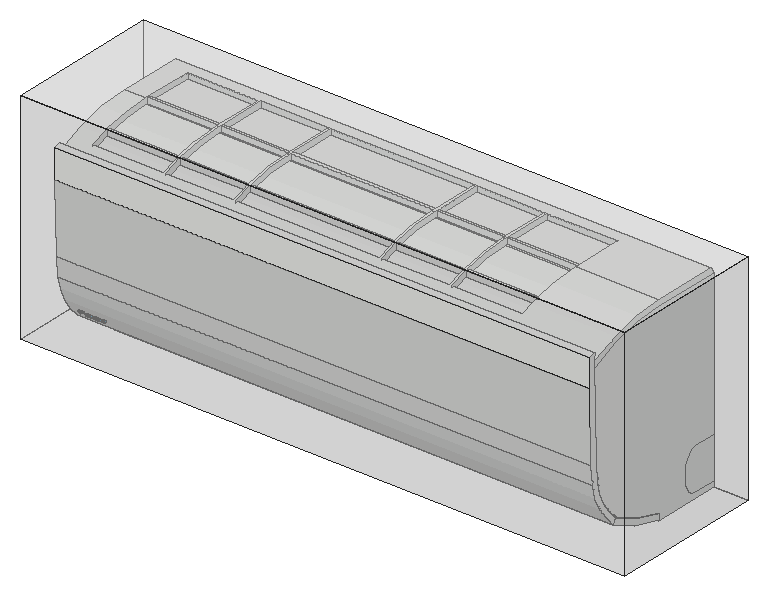
Revit family "outputfile", category 機械設備, Revit 2024
Family settings
  丸型コネクタ寸法 = 半径を使用
  パーツ タイプ = 標準
  OmniClass 番号 = 23.75.10.24.21.27.27
  OmniClass タイトル = Split System Air Conditioning Units
  作業面ベース = いいえ
  常に垂直 = はい
  ロード時にボイドで切り取り = いいえ
  注釈の向きを維持 = いいえ
  共有 = いいえ
  部屋計算ポイント = いいえ
Parameters (values of type "FTKM25XVMG")
  Description = ""
  書き出し IFC クラス(タイプ) = "IfcUnitaryEquipmentType"
  定義済み IFC タイプ(タイプ) = "AIRCONDITIONINGUNIT"
  Cost = 0
  Type Comments = ""
  Keynote = ""
  Type Image = (empty or 0)
  Assembly Code = ""
  w_wall hole = if(Width = 770.0 mm, 48.0 mm, 60.0 mm)  # 48.0 mm
  製造元 = "Daikin"
  モデル = "FTKM25XVMG"
  switch_frequency = yes
  r_Liquid Pipe Size = Liquid Pipe Size / 2  # 3.2 mm
  r_Gas Pipe Size = Gas Pipe Size / 2  # 4.75 mm
  r_Drain Pipe Size = Drain Pipe Size / 2  # 8.0 mm
  lw_powersupply [instance] = if(Width = 770.0 mm, if(or(Rear Right Connection_refrigerant, Bottom Right Connection_refrigerant), 25.0 mm, if(or(Rear Left Connection_refrigerant, Bottom Left Connection_refrigerant), 745.0 mm, 400.0 mm)), if(Width = 990.0 mm, if(or(Rear Right Connection_refrigerant, Bottom Right Connection_refrigerant), 40.0 mm, if(or(Rear Left Connection_refrigerant, Bottom Left Connection_refrigerant), 920.0 mm, 400.0 mm)), if(or(Rear Right Connection_refrigerant, Bottom Right Connection_refrigerant), 40.0 mm, if(or(Rear Left Connection_refrigerant, Bottom Left Connection_refrigerant), 920.0 mm, 400.0 mm))))  # 400.0 mm
  lw_liquidpipe [instance] = if(Width = 770.0 mm, if(or(Rear Right Connection_refrigerant, Bottom Right Connection_refrigerant), 0.0 mm, if(or(Rear Left Connection_refrigerant, Bottom Left Connection_refrigerant), 664.0 mm, 385.0 mm)), if(Width = 990.0 mm, if(or(Rear Right Connection_refrigerant, Bottom Right Connection_refrigerant), 0.0 mm, if(or(Rear Left Connection_refrigerant, Bottom Left Connection_refrigerant), 664.0 mm + (990.0 mm - 770.0 mm), 475.0 mm)), if(or(Rear Right Connection_refrigerant, Bottom Right Connection_refrigerant), 0.0 mm, if(or(Rear Left Connection_refrigerant, Bottom Left Connection_refrigerant), 664.0 mm + (990.0 mm - 770.0 mm), 475.0 mm))))  # 385.0 mm
  lw_gaspipe [instance] = if(Width = 770.0 mm, if(or(Rear Right Connection_refrigerant, Bottom Right Connection_refrigerant), 0.0 mm, if(or(Rear Left Connection_refrigerant, Bottom Left Connection_refrigerant), 675.0 mm, if(Gas Pipe Size = 12.7 mm, 345.0 mm, 335.0 mm))), if(Width = 990.0 mm, if(or(Rear Right Connection_refrigerant, Bottom Right Connection_refrigerant), 10.0 mm, if(or(Rear Left Connection_refrigerant, Bottom Left Connection_refrigerant), 890.0 mm, if(Gas Pipe Size = 15.9 mm, 400.0 mm, 400.0 mm))), if(or(Rear Right Connection_refrigerant, Bottom Right Connection_refrigerant), 10.0 mm, if(or(Rear Left Connection_refrigerant, Bottom Left Connection_refrigerant), 890.0 mm, if(Gas Pipe Size = 15.9 mm, 400.0 mm, 400.0 mm)))))  # 335.0 mm
  lw_drainpipe [instance] = if(Width = 770.0 mm, if(or(Rear Right Connection_refrigerant, Bottom Right Connection_refrigerant), 0.0 mm, if(or(Rear Left Connection_refrigerant, Bottom Left Connection_refrigerant), 770.0 mm - 48.0 mm - 48.0 mm, 440.0 mm)), if(Width = 990.0 mm, if(or(Rear Right Connection_refrigerant, Bottom Right Connection_refrigerant), 0.0 mm, if(or(Rear Left Connection_refrigerant, Bottom Left Connection_refrigerant), 675.0 mm + (990.0 mm - 770.0 mm), 435.0 mm)), if(or(Rear Right Connection_refrigerant, Bottom Right Connection_refrigerant), 0.0 mm, if(or(Rear Left Connection_refrigerant, Bottom Left Connection_refrigerant), 675.0 mm + (990.0 mm - 770.0 mm), 435.0 mm))))  # 440.0 mm
  l_powersupply_length [instance] = if(Width = 770.0 mm, if(Right Connection_refrigerant, 400.0 mm, if(Left Connection_refrigerant, 770.0 mm - 400.0 mm, if(or(Rear Left Connection_refrigerant, Rear Right Connection_refrigerant), 15.0 mm, 50.0 mm))), if(Width = 990.0 mm, if(Right Connection_refrigerant, 400.0 mm, if(Left Connection_refrigerant, 990.0 mm - 400.0 mm, if(or(Rear Left Connection_refrigerant, Rear Right Connection_refrigerant), 15.0 mm, 50.0 mm))), if(Right Connection_refrigerant, 400.0 mm, if(Left Connection_refrigerant, 990.0 mm - 400.0 mm, if(or(Rear Left Connection_refrigerant, Rear Right Connection_refrigerant), 15.0 mm, 50.0 mm)))))  # 400.0 mm
  l_liquidpipe_length [instance] = if(Width = 770.0 mm, if(Right Connection_refrigerant, 433.0 mm, if(Left Connection_refrigerant, 337.0 mm, if(or(Rear Left Connection_refrigerant, Rear Right Connection_refrigerant), 30.0 mm, 40.0 mm))), if(Width = 990.0 mm, if(Right Connection_refrigerant, 535.0 mm, if(Left Connection_refrigerant, 455.0 mm, if(or(Rear Left Connection_refrigerant, Rear Right Connection_refrigerant), 30.0 mm, 40.0 mm))), if(Right Connection_refrigerant, 535.0 mm, if(Left Connection_refrigerant, 455.0 mm, if(or(Rear Left Connection_refrigerant, Rear Right Connection_refrigerant), 30.0 mm, 40.0 mm)))))  # 433.0 mm
  l_gaspipe_length [instance] = if(Width = 770.0 mm, if(Right Connection_refrigerant, if(Gas Pipe Size = 12.7 mm, 393.0 mm, 383.0 mm), if(Left Connection_refrigerant, if(Gas Pipe Size = 12.7 mm, 770.0 mm - 393.0 mm, 770.0 mm - 383.0 mm), if(or(Rear Left Connection_refrigerant, Rear Right Connection_refrigerant), 40.0 mm, 50.0 mm))), if(Width = 990.0 mm, if(Right Connection_refrigerant, if(Gas Pipe Size = 15.9 mm, 460.0 mm, 460.0 mm), if(Left Connection_refrigerant, if(Gas Pipe Size = 15.9 mm, 990.0 mm - 460.0 mm, 990.0 mm - 460.0 mm), if(or(Rear Left Connection_refrigerant, Rear Right Connection_refrigerant), 40.0 mm, 50.0 mm))), if(Right Connection_refrigerant, if(Gas Pipe Size = 15.9 mm, 460.0 mm, 460.0 mm), if(Left Connection_refrigerant, if(Gas Pipe Size = 15.9 mm, 990.0 mm - 460.0 mm, 990.0 mm - 460.0 mm), if(or(Rear Left Connection_refrigerant, Rear Right Connection_refrigerant), 40.0 mm, 50.0 mm)))))  # 383.0 mm
  l_drainpipe_length [instance] = if(Width = 770.0 mm, if(Right Connection_refrigerant, 488.0 mm, if(Left Connection_refrigerant, 282.0 mm, if(or(Rear Left Connection_refrigerant, Rear Right Connection_refrigerant), 15.0 mm, 20.0 mm))), if(Width = 990.0 mm, if(Right Connection_refrigerant, 495.0 mm, if(Left Connection_refrigerant, 495.0 mm, if(or(Rear Left Connection_refrigerant, Rear Right Connection_refrigerant), 15.0 mm, 20.0 mm))), if(Right Connection_refrigerant, 495.0 mm, if(Left Connection_refrigerant, 495.0 mm, if(or(Rear Left Connection_refrigerant, Rear Right Connection_refrigerant), 15.0 mm, 20.0 mm)))))  # 488.0 mm
  h*** = 0.0 mm  # constant formula
  connector_voltage = Voltage_50Hz  # 230 V
  connector_powerinput = [Power Input (Cooling)]  # 0.000 kW
  connector_phase = Phase_50Hz  # 1
  angle_vertical [instance] = if(or(Bottom Left Connection_refrigerant, Bottom Right Connection_refrigerant), 0.00°, 90.00°)  # 90.00°
  angle_horizontal [instance] = if(Right Connection_refrigerant, 90.00°, if(Left Connection_refrigerant, -90.00°, if(or(Rear Left Connection_refrigerant, Rear Right Connection_refrigerant), 180.00°, 0.00°)))  # 90.00°
  Width = 770.0 mm
  Voltage_comment_50Hz = "220 - 240"
  Voltage_50Hz = 230 V
  Version = "ver.1.0"
  Unit Type = "Wall Mounted"
  Unit Mass Weight = 9.00 kg
  Unit Designation [instance] = ""
  Uniclass2015Version = "Products v1.30"
  Uniclass2015Title = "Split coil room air conditioning units"
  Uniclass2015Code = "Pr_70_65_03_86"
  URL = ""
  Total Cooling Capacity [instance] = 0.000 kW
  Sound Pressure Level_M speed (dBA) = 36
  Sound Pressure Level_L speed (dBA) = 26
  Sound Pressure Level_H speed (dBA) = 46
  Sound Power Level_H speed (dB) = 0
  Series = "Single Split_Fan Coil Unit"
  Sensible Cooling Capacity [instance] = 0.000 kW
  Refrigerant Type = "R32"
  Power Input (Cooling) = 0.000 kW
  Phase_50Hz = 1
  Option Accessory 3 [instance] = ""
  Option Accessory 2 [instance] = ""
  Option Accessory 1 [instance] = ""
  Nominal Cooling Capacity = 2.500 kW
  Minimum Circuit Amps_50Hz = 0.0 A
  Minimum Airflow = 402.00 m³/h
  Median Airflow = 522.00 m³/h
  Maximum Fuse Amps_50Hz = 0.0 A
  Maximum Airflow = 732.00 m³/h
  Material_Casing = DAIKIN_White_Casing_indoorunit
  Load Classification = HVAC
  Liquid Pipe Size = 6.4 mm
  Link_Nested Family [instance] = ""
  IfcVersion = ""
  IfcExportType = "AIRCONDITIONINGUNIT"
  IfcExportAs = "IfcUnitaryEquipmentType"
  Height = 285.0 mm
  Heat Exchanger Type = "Cross Fin Coil"
  Gas Pipe Size = 9.5 mm
  Frequency_50Hz = 50 Hz
  Fan Type = "Cross Flow Fan"
  Fan Drive = "Direct Drive"
  FCU Tag No. [instance] = ""
  Drain Pipe Size = 16.0 mm
  Design Supply Airflow [instance] = 0.00 m³/h
  Depth = 223.0 mm
  既定の高さ = 0.0 mm
  Cooling Entering Wet Bulb Temperature [instance] = 0.00 °C
  Cooling Entering Dry Bulb Temperature [instance] = 0.00 °C
  Cooling Ambient Wet Bulb Temperature [instance] = 0.00 °C
  Cooling Ambient Dry Bulb Temperature [instance] = 0.00 °C
  Clearance visibility [instance] = yes
  Clearance Top = 30.0 mm
  Clearance Right = 50.0 mm
  Clearance Rear = 0.0 mm
  Clearance Left = 50.0 mm
  Clearance Front = 0.0 mm
  Clearance Bottom = 0.0 mm
  Bottom Right Connection_refrigerant [instance] = no
  Bottom Left Connection_refrigerant [instance] = no
  Rear Right Connection_refrigerant [instance] = no
  Rear Left Connection_refrigerant [instance] = no
  Right Connection_refrigerant [instance] = yes
  Left Connection_refrigerant [instance] = no
Reference planes
  plane 1 "Back": y = 0
  plane 2: z = 0
  plane 3 "Center (Left/Right)": x = 0
  plane 4 "Center (Front/Back)": y = -111.5
  plane 5 "Front": y = -223
  plane 6 "Left": x = -385
  plane 7 "Right": x = 385
  plane 8 "Top": z = 0
  plane 9 "Bottom": z = -285
  plane 10: x = -435
  plane 11: x = 435
  plane 12: y = 0
  plane 13: y = -223
  plane 14: z = 30
  plane 15: z = -285
  plane 16 "lw_Piping and Wiring intake": x = 337
  plane 17 "lw_gaspipe": x = 2
  plane 18 "lw_liquidpipe": x = -48
  plane 19 "lw_drainpipe": x = -103
  plane 20 "lh_drainpipe": z = -265
  plane 21 "lh_liquidpipe": z = -245
  plane 22 "lh_gaspipe": z = -235
  plane 23 "ld_drainpipe": y = -15
  plane 24 "ld_liquidpipe": y = -30
  plane 25 "ld_gaspipe": y = -40
  plane 26 "lw_powersupply": x = -15
Dimensions and locks
  equal spacing: plane 6 "Left", plane 3 "Center (Left/Right)", plane 7 "Right"
  "Width": plane 6 "Left" to plane 7 "Right"
  equal spacing: plane 5 "Front", plane 4 "Center (Front/Back)", plane 1 "Back"
  "Depth": plane 5 "Front" to plane 1 "Back"
  "Height": plane 8 "Top" to plane 9 "Bottom"
  "Clearance Rear": plane 12 to plane 1 "Back"
  "Clearance Front": plane 13 to plane 5 "Front"
  "Clearance Top": plane 14 to plane 8 "Top"
  "Clearance Bottom": plane 9 "Bottom" to plane 15
  "w_wall hole": plane 16 "lw_Piping and Wiring intake" to plane 7 "Right"
  "lw_gaspipe": plane 17 "lw_gaspipe" to plane 16 "lw_Piping and Wiring intake"
  "lw_liquidpipe": plane 18 "lw_liquidpipe" to plane 16 "lw_Piping and Wiring intake"
  "lw_drainpipe": plane 19 "lw_drainpipe" to plane 16 "lw_Piping and Wiring intake"
  locked: plane 20 "lh_drainpipe" to plane 9 "Bottom" at 20
  locked: plane 21 "lh_liquidpipe" to plane 9 "Bottom" at 40
  locked: plane 22 "lh_gaspipe" to plane 9 "Bottom" at 50
  locked: plane 23 "ld_drainpipe" to plane 1 "Back" at 15
  locked: plane 1 "Back" to plane 24 "ld_liquidpipe" at 30
  locked: plane 1 "Back" to plane 25 "ld_gaspipe" at 40
  "lw_powersupply": plane 26 "lw_powersupply" to plane 7 "Right"
  "Clearance Left": plane 10 to plane 6 "Left"
  "Clearance Right": plane 7 "Right" to plane 11
  aligned and locked: level to plane 2
  aligned and locked: plane 12 to nested 1
  aligned and locked: nested 1 to plane 13
  aligned and locked: plane 10 to nested 1
  aligned and locked: plane 11 to nested 1
  aligned and locked: plane 15 to nested 1
  aligned and locked: plane 14 to nested 1
  aligned and locked: plane 17 "lw_gaspipe" to nested 2
  aligned and locked: nested 2 to plane 25 "ld_gaspipe"
  aligned and locked: plane 18 "lw_liquidpipe" to nested 3
  aligned and locked: nested 3 to plane 24 "ld_liquidpipe"
  aligned and locked: plane 19 "lw_drainpipe" to nested 4
  aligned and locked: nested 4 to plane 23 "ld_drainpipe"
  aligned and locked: nested 5 to plane 23 "ld_drainpipe"
  aligned and locked: plane 26 "lw_powersupply" to nested 5
  aligned and locked: level to plane 8 "Top"
  aligned and locked: plane 3 "Center (Left/Right)" to nested 6
  aligned and locked: plane 1 "Back" to nested 6
  aligned and locked: plane 8 "Top" to nested 6
Nested families
  nested 1: "daikin_clearancespace" at (0, -111.5, -127.381), show <- "Clearance visibility", visible <- "Clearance visibility", Link_Nested Family <- "Link_Nested Family", type "daikin_clearancespace"
    with width 870.0 mm, show yes, height 315.0 mm, depth 223.0 mm, Link_Nested Family ""
  nested 2: "daikin_connector_rotate3" at (2, -40, -235), angle_vertical <- "angle_vertical", angle_horizontal <- "angle_horizontal", length <- "l_gaspipe_length", radius <- "r_Gas Pipe Size", type "daikin_connector_rotate3"
    with show no, radius 4.75 mm, length 383.0 mm, angle_vertical 90.00°, angle_horizontal 90.00°
  nested 3: "daikin_connector_rotate3" at (-48, -30, -245), angle_vertical <- "angle_vertical", angle_horizontal <- "angle_horizontal", radius <- "r_Liquid Pipe Size", length <- "l_liquidpipe_length", type "daikin_connector_rotate3"
    with show no, radius 3.2 mm, length 433.0 mm, angle_vertical 90.00°, angle_horizontal 90.00°
  nested 4: "daikin_connector_rotate3" at (-103, -15, -265), angle_vertical <- "angle_vertical", angle_horizontal <- "angle_horizontal", length <- "l_drainpipe_length", radius <- "r_Drain Pipe Size", type "daikin_connector_rotate3"
    with show no, radius 8.0 mm, length 488.0 mm, angle_vertical 90.00°, angle_horizontal 90.00°
  nested 5: "daikin_connector_rotate3" at (-15, -15, -235), angle_vertical <- "angle_vertical", angle_horizontal <- "angle_horizontal", length <- "l_powersupply_length", type "daikin_connector_rotate3"
    with show no, radius 10.0 mm, length 400.0 mm, angle_vertical 90.00°, angle_horizontal 90.00°
  nested 6: "DAIKIN_indoorunit_FTKM-XVMG" at (-31, 0, 0), type "FTKM-XVMG"
Connectors
  piping at (385, -40, -235), diameter 9.5, driven by "r_Gas Pipe Size"
    settings: on nested 2, index 1, connector inside diameter 609.6 mm, connector length 0.0 mm, flow factor 0, pipe flow 0.00 m³/h, pressure drop 0.0 Pa, fitting loss kfactor 0, connector angle 0.00°, fixture units 0, engagement length 0.0 mm, angle of deflection 0.00°, flow configuration 1, flow direction 2, fitting loss method 0, system type 29, joint type 0, gender type 0, connector reference index -1, connector utility 0, adjustable connector no, is connector primary yes, connector description "Refrigerant Gas Piping"
  piping at (385, -30, -245), diameter 6.4, driven by "r_Liquid Pipe Size"
    settings: on nested 3, index 2, connector inside diameter 609.6 mm, connector length 0.0 mm, flow factor 0, pipe flow 0.00 m³/h, pressure drop 0.0 Pa, fitting loss kfactor 0, connector angle 0.00°, fixture units 0, engagement length 0.0 mm, angle of deflection 0.00°, flow configuration 1, flow direction 1, fitting loss method 0, system type 29, joint type 0, gender type 0, connector reference index -1, connector utility 0, adjustable connector no, is connector primary no, connector description "Refrigerant Liquid Piping"
  piping at (385, -15, -265), diameter 16, driven by "r_Drain Pipe Size"
    settings: on nested 4, index 3, connector inside diameter 609.6 mm, connector length 0.0 mm, flow factor 0, pipe flow 0.00 m³/h, pressure drop 0.0 Pa, fitting loss kfactor 0, connector angle 0.00°, fixture units 0, engagement length 0.0 mm, angle of deflection 0.00°, flow configuration 1, flow direction 2, fitting loss method 4, system type 16, joint type 0, gender type 0, connector reference index -1, connector utility 0, adjustable connector no, is connector primary no, connector description "Condensate Drain Piping"
  electrical at (385, -15, -235), driven by "Load Classification", driven by "connector_powerinput", driven by "connector_voltage", driven by "connector_phase"
    settings: on nested 5, index 4, voltage 230 V, apparent load 0 VA, apparent load phase1 0 VA, apparent load phase2 0 VA, apparent load phase3 0 VA, power factor 1, load classification "HVAC", number of poles 1, system type 30, power factor state 1, is connector primary yes, connector utility no, sub classification motor no, connector description "Power Supply"
Definition of nested family "daikin_clearancespace"
  Parameters (values of type "daikin_clearancespace")
    Description = "daikin_clearancespace"
    width [instance] = 1823.963 mm
    show [instance] = yes
    material = none
    height [instance] = 1359.762 mm
    depth [instance] = 880.0 mm
    Default Elevation = 0.0 mm
    Link_Nested Family [instance] = ""
  Reference planes
    plane 1 "Center (Front/Back)": y = 0
    plane 2 "Center (Elevation)": z = -0.119
    plane 3 "Center (Left/Right)": x = 0
    plane 4: y = 440
    plane 5: y = -440
    plane 6 "Right": x = 911.982
    plane 7 "Left": x = -911.982
    plane 8 "Top": z = 679.762
    plane 9 "Bottom": z = -680
  Forms (mm)
    Extrusion 1, solid, material <- "material", visible <- "show"
      sketch origin (0, 0, 0) x (1, 0, 0) y (0, 1, 0)
        loop
          line (-911.982, 440) -> (-911.982, -440) -> (911.982, -440) -> (911.982, 440) -> (-911.982, 440)
      from -680 to 679.762
  Lines and regions (mm)
    symbolic lines, visible <- "show"
      curve 1: line (911.982, 440, 0) -> (-911.982, 440, 0)
      curve 2: line (-911.982, 440, 0) -> (-911.982, -440, 0)
      curve 3: line (-911.982, -440, 0) -> (911.982, -440, 0)
      curve 4: line (911.982, -440, 0) -> (911.982, 440, 0)
      curve 5: line (911.982, 0, 679.762) -> (-911.982, 0, 679.762)
      curve 6: line (911.982, 0, -680) -> (911.982, 0, 679.762)
      curve 7: line (-911.982, 0, -680) -> (911.982, 0, -680)
      curve 8: line (-911.982, 0, 679.762) -> (-911.982, 0, -680)
      curve 9: line (0, 440, 679.762) -> (0, -440, 679.762)
      curve 10: line (0, -440, 679.762) -> (0, -440, -680)
      curve 11: line (0, 440, -680) -> (0, 440, 679.762)
      curve 12: line (0, -440, -680) -> (0, 440, -680)
  Dimensions and locks
    "width": plane 7 "Left" to plane 6 "Right"
    "depth": plane 4 to plane 5
    "height": plane 8 "Top" to plane 9 "Bottom"
    equal spacing: plane 7 "Left", plane 3 "Center (Left/Right)", plane 6 "Right"
    equal spacing: plane 4, plane 1 "Center (Front/Back)", plane 5
    equal spacing: plane 8 "Top", plane 2 "Center (Elevation)", plane 9 "Bottom"
    aligned and locked: level to plane 2 "Center (Elevation)"
    aligned and locked: Extrusion 1 sketch curve to plane 4
    aligned and locked: plane 7 "Left" to Extrusion 1 sketch curve
    aligned and locked: Extrusion 1 sketch curve to plane 5
    aligned and locked: Extrusion 1 sketch curve to plane 6 "Right"
    aligned and locked: plane 8 "Top" to Extrusion 1
    aligned and locked: curve 1 to Extrusion 1
    aligned and locked: curve 2 to Extrusion 1
    aligned and locked: curve 3 to Extrusion 1
    aligned and locked: curve 4 to Extrusion 1
    aligned and locked: curve 5 to Extrusion 1
    aligned and locked: curve 6 to Extrusion 1
    aligned and locked: curve 7 to Extrusion 1
    aligned and locked: curve 8 to Extrusion 1
    aligned and locked: curve 9 to Extrusion 1
    aligned and locked: curve 10 to Extrusion 1
    aligned and locked: curve 11 to Extrusion 1
    aligned and locked: curve 12 to Extrusion 1
    aligned and locked: Extrusion 1 to plane 9 "Bottom"
Definition of nested family "DAIKIN_indoorunit_FTKM-XVMG"
  Parameters (values of type "FTKM-XVMG")
    switch_unit1_50-71 = Width = 990.0 mm  # no
    switch_unit1_25-35 = Width = 770.0 mm  # yes
    Width = 770.0 mm
    WALL HOLE-R = if(Width = 770.0 mm, 48.0 mm, 60.0 mm)  # 48.0 mm
    WALL HOLE Size = if(Width = 770.0 mm, 65.0 mm, 80.0 mm)  # 65.0 mm
    Material_Casing = none
    Height = if(Width = 770.0 mm, 285.0 mm, 295.0 mm)  # 285.0 mm
    Default Elevation = 0.0 mm
  Reference planes
    plane 1 "Center (Front/Back)": y = 0
    plane 2 "reference_level": z = 0
    plane 3 "Center (Left/Right)": x = 31
    plane 4: x = -354
    plane 5: x = 416
    plane 6: z = -285
  Forms (mm)
    Extrusion 1, solid, material <- "Material_Casing", visible <- "switch_unit1_25-35"
      sketch origin (29, 0, 0) x (0, 1, 0) y (0, 0, 1)
        loop
          line (-5, 0) -> (-98, 0)
          arc (-98, 0) -> (-157.611, -7.211) -> (-213.783, -28.427) r 250
          arc (-213.783, -28.427) -> (-213.842, -32.972) -> (-213.892, -37.516) r 2191
          arc (-213.892, -37.516) -> (-157.832, -15.495) -> (-98.07, -8) r 242
          line (-98.07, -8) -> (0, -8) -> (-5, 0)
      from -383 to 387
    Extrusion 2, solid, material <- "Material_Casing", visible <- "switch_unit1_25-35"
      sketch origin (416, 1296.25, 1200) x (0, 1, 0) y (0, 0, 1)
        loop
          line (-1472.998, -1446.91) -> (-1476.998, -1453.839)
          arc (-1476.998, -1453.839) -> (-1437.481, -1472.422) -> (-1395.25, -1483.538) r 240
          line (-1395.25, -1483.538) -> (-1395.25, -1475.422)
          arc (-1395.25, -1475.422) -> (-1435.407, -1464.663) -> (-1472.998, -1446.91) r 232
      from 0 to -47.5
    Extrusion 3, solid, material <- "Material_Casing", visible <- "switch_unit1_25-35"
      sketch origin (29, 0, 0) x (0, 1, 0) y (0, 0, 1)
        loop
          arc (-223, -60.455) -> (-222.414, -110.646) -> (-220.656, -160.81) r 2149.92
          arc (-220.656, -160.81) -> (-219.65, -174.299) -> (-217.853, -187.706) r 229.911
          arc (-217.853, -187.706) -> (-205.371, -223.594) -> (-181.517, -253.17) r 111
          line (-181.517, -253.17) -> (-177.429, -246.093)
          arc (-177.429, -246.093) -> (-198.77, -218.989) -> (-209.965, -186.36) r 103
          arc (-209.965, -186.36) -> (-211.681, -173.586) -> (-212.651, -160.735) r 221.844
          arc (-212.651, -160.735) -> (-214.739, -93.233) -> (-214.74, -25.699) r 2186.828
          arc (-214.74, -25.699) -> (-214.671, -21.467) -> (-214.594, -17.235) r 2192
          line (-214.594, -17.235) -> (-223, -19.961) -> (-223, -60.455)
      from -383 to 387
    Extrusion 4, solid, material <- "Material_Casing", visible <- "switch_unit1_25-35"
      sketch origin (29, 0, -20) x (0, 1, 0) y (0, 0, 1)
        loop
          line (0, -265) -> (0, 12) -> (-98.07, 12)
          arc (-98.07, 12) -> (-157.832, 4.505) -> (-213.892, -17.516) r 242
          arc (-213.892, -17.516) -> (-213.638, -79.114) -> (-211.653, -140.681) r 2191
          arc (-211.653, -140.681) -> (-210.685, -153.501) -> (-208.973, -166.243) r 221
          arc (-208.973, -166.243) -> (-197.471, -199.282) -> (-175.482, -226.491) r 102
          arc (-175.482, -226.491) -> (-138.004, -244.019) -> (-98, -254.579) r 231
          line (-98, -254.579) -> (-98, -265) -> (0, -265)
      from -383 to 387
    Extrusion 5, solid, material <- "Material_Casing", visible <- "switch_unit1_25-35"
      sketch origin (-354, 1296.25, 1200) x (0, 1, 0) y (0, 0, 1)
        loop
          line (-1472.998, -1446.91) -> (-1476.998, -1453.839)
          arc (-1476.998, -1453.839) -> (-1437.481, -1472.422) -> (-1395.25, -1483.538) r 240
          line (-1395.25, -1483.538) -> (-1395.25, -1475.422)
          arc (-1395.25, -1475.422) -> (-1435.407, -1464.663) -> (-1472.998, -1446.91) r 232
      from 47 to 0
    Extrusion 6, solid, material <- "Material_Casing", visible <- "switch_unit1_25-35"
      sketch origin (416, 1296.25, 1200) x (0, 1, 0) y (0, 0, 1)
        loop
          line (-1472.998, -1446.91) -> (-1476.998, -1453.839)
          arc (-1476.998, -1453.839) -> (-1443.437, -1470.168) -> (-1407.75, -1481.097) r 240
          line (-1407.75, -1481.097) -> (-1407.75, -1472.894)
          arc (-1407.75, -1472.894) -> (-1441.363, -1462.385) -> (-1472.998, -1446.91) r 232
      from -116.993 to -48.493
    Extrusion 7, solid, material <- "Material_Casing", visible <- "switch_unit1_25-35"
      sketch origin (416, 1296.25, 1200) x (0, 1, 0) y (0, 0, 1)
        loop
          line (-1472.998, -1446.91) -> (-1476.998, -1453.839)
          arc (-1476.998, -1453.839) -> (-1443.437, -1470.168) -> (-1407.75, -1481.097) r 240
          line (-1407.75, -1481.097) -> (-1407.75, -1472.894)
          arc (-1407.75, -1472.894) -> (-1441.363, -1462.385) -> (-1472.998, -1446.91) r 232
      from -717 to -121.993
    Extrusion 8, void
      sketch origin (31, 0, -235) x (1, 0, 0) y (0, 1, 0)
        loop
          line (-252.674, -22.316) -> (-354.941, -22.316) -> (-354.941, -91.341) -> (-252.674, -91.341) -> (-252.674, -22.316)
        loop
          line (-249.341, -91.341) -> (-151.574, -91.341) -> (-151.574, -22.316) -> (-249.341, -22.316) -> (-249.341, -91.341)
        loop
          line (58.309, -22.316) -> (-148.309, -22.316) -> (-148.309, -91.341) -> (58.309, -91.341) -> (58.309, -22.316)
        loop
          line (61.689, -22.316) -> (61.689, -91.341) -> (159.457, -91.341) -> (159.457, -22.316) -> (61.689, -22.316)
        loop
          line (162.789, -22.316) -> (162.789, -91.341) -> (265.057, -91.341) -> (265.057, -22.316) -> (162.789, -22.316)
        loop
          line (-354.941, -94.659) -> (-354.941, -165.259) -> (-252.674, -165.259) -> (-252.674, -94.659) -> (-354.941, -94.659)
        loop
          line (-249.341, -94.659) -> (-249.341, -165.259) -> (-151.574, -165.259) -> (-151.574, -94.659) -> (-249.341, -94.659)
        loop
          line (-148.309, -94.659) -> (-148.309, -165.259) -> (58.309, -165.259) -> (58.309, -94.659) -> (-148.309, -94.659)
        loop
          line (61.689, -94.659) -> (61.689, -165.259) -> (159.457, -165.259) -> (159.457, -94.659) -> (61.689, -94.659)
        loop
          line (162.789, -94.659) -> (162.789, -165.259) -> (265.057, -165.259) -> (265.057, -94.659) -> (162.789, -94.659)
        loop
          line (-354.941, -167.382) -> (-354.941, -192.681) -> (-252.674, -192.681) -> (-252.674, -167.382) -> (-354.941, -167.382)
        loop
          line (-249.341, -167.382) -> (-249.341, -192.681) -> (-151.574, -192.681) -> (-151.574, -167.382) -> (-249.341, -167.382)
        loop
          line (-148.309, -167.382) -> (-148.309, -192.681) -> (58.309, -192.681) -> (58.309, -167.382) -> (-148.309, -167.382)
        loop
          line (159.457, -167.382) -> (61.689, -167.382) -> (61.689, -192.681) -> (159.457, -192.681) -> (159.457, -167.382)
        loop
          line (265.057, -167.382) -> (162.789, -167.382) -> (162.789, -192.681) -> (265.057, -192.681) -> (265.057, -167.382)
      from 201.638 to 250
    Extrusion 9, solid, material <- "Material_Casing"
      sketch origin (31, 0, 0) x (1, 0, 0) y (0, 0, 1)
        loop
          circle (337, -240.5) r 32.5
        loop
          circle (-337, -240.5) r 32.5
      from 0 to 5
    Extrusion 10, solid, material <- "Material_Casing", visible <- "switch_unit1_25-35"
      sketch origin (416, 1296.25, 1200) x (0, -1, 0) y (0, 0, 1)
        loop
          line (1326.25, -1417) -> (1296.25, -1417) -> (1296.25, -1477) -> (1326.25, -1477)
          arc (1326.25, -1477) -> (1340.393, -1471.142) -> (1346.25, -1457) r 20
          line (1346.25, -1457) -> (1346.25, -1437)
          arc (1346.25, -1437) -> (1340.393, -1422.858) -> (1326.25, -1417) r 20
      from 0 to 5
    Extrusion 11, solid, material <- "Material_Casing", visible <- "switch_unit1_25-35"
      sketch origin (-354, 1296.25, 1200) x (0, 1, 0) y (0, 0, 1)
        loop
          line (-1296.25, -1417) -> (-1326.25, -1417)
          arc (-1326.25, -1417) -> (-1340.393, -1422.858) -> (-1346.25, -1437) r 20
          line (-1346.25, -1437) -> (-1346.25, -1457)
          arc (-1346.25, -1457) -> (-1340.393, -1471.142) -> (-1326.25, -1477) r 20
          line (-1326.25, -1477) -> (-1296.25, -1477) -> (-1296.25, -1417)
      from 0 to 5
    Extrusion 12, solid, material <- "Material_Casing", visible <- "switch_unit1_25-35"
      sketch origin (31, 0, -285) x (-1, 0, 0) y (0, -1, 0)
        loop
          line (-314, 0) -> (-314, 30)
          arc (-314, 30) -> (-319.858, 44.142) -> (-334, 50) r 20
          line (-334, 50) -> (-354, 50)
          arc (-354, 50) -> (-368.142, 44.142) -> (-374, 30) r 20
          line (-374, 30) -> (-374, 0) -> (-314, 0)
        loop
          line (374, 0) -> (374, 30)
          arc (374, 30) -> (368.142, 44.142) -> (354, 50) r 20
          line (354, 50) -> (334, 50)
          arc (334, 50) -> (319.858, 44.142) -> (314, 30) r 20
          line (314, 30) -> (314, 0) -> (374, 0)
      from 0 to 5
    Extrusion 13, solid, material <- "Material_Casing", visible <- "switch_unit1_50-71"
      sketch origin (31, 0, 0) x (0, 1, 0) y (0, 0, 1)
        loop
          line (-5, 0) -> (-138, 0)
          arc (-138, 0) -> (-197.611, -7.211) -> (-253.783, -28.427) r 250
          arc (-253.783, -28.427) -> (-253.838, -32.687) -> (-253.886, -36.946) r 2191
          arc (-253.886, -36.946) -> (-197.73, -15.346) -> (-138.014, -8) r 246.393
          line (-138.014, -8) -> (0, -8) -> (-5, 0)
      from -495 to 495
    Extrusion 14, solid, material <- "Material_Casing", visible <- "switch_unit1_50-71"
      sketch origin (418, 1296.25, 1200) x (0, 1, 0) y (0, 0, 1)
        loop
          arc (-1515.208, -1454.149) -> (-1506.856, -1460.599) -> (-1497.925, -1466.219) r 110
          arc (-1497.925, -1466.219) -> (-1445.718, -1487.493) -> (-1389.844, -1494.995) r 223
          line (-1389.844, -1494.995) -> (-1389.844, -1486.086) -> (-1404.386, -1486.086)
          arc (-1404.386, -1486.086) -> (-1449.542, -1477.46) -> (-1491.818, -1459.402) r 214.289
          arc (-1491.818, -1459.402) -> (-1501.056, -1453.541) -> (-1509.606, -1446.715) r 101
          line (-1509.606, -1446.715) -> (-1515.208, -1454.149)
      from 108 to 57.5
    Extrusion 15, solid, material <- "Material_Casing", visible <- "switch_unit1_50-71"
      sketch origin (31, 0, 0) x (0, 1, 0) y (0, 0, 1)
        loop
          line (-263, -19.962) -> (-263, -61.6)
          arc (-263, -61.6) -> (-262.414, -110.219) -> (-260.656, -158.81) r 2017.341
          arc (-260.656, -158.81) -> (-255.648, -191.935) -> (-244.041, -223.362) r 164.725
          arc (-244.041, -223.362) -> (-233.569, -239.793) -> (-219.717, -253.495) r 87.379
          line (-219.717, -253.495) -> (-214.706, -246.846)
          arc (-214.706, -246.846) -> (-229.564, -230.029) -> (-240.385, -210.371) r 102
          arc (-240.385, -210.371) -> (-249.049, -182.962) -> (-252.848, -154.467) r 165.789
          arc (-252.848, -154.467) -> (-254.771, -90.102) -> (-254.74, -25.708) r 2122.533
          arc (-254.74, -25.708) -> (-254.671, -21.469) -> (-254.594, -17.23) r 2192
          line (-254.594, -17.23) -> (-263, -19.962)
      from -495 to 495
    Extrusion 16, void
      sketch origin (33, 0, 0) x (1, 0, 0) y (0, 1, 0)
        loop
          line (-466.909, -22.316) -> (-466.909, -111.341) -> (-366.303, -111.341) -> (-366.303, -22.316) -> (-466.909, -22.316)
        loop
          line (-362.71, -22.316) -> (-362.71, -111.341) -> (-262.103, -111.341) -> (-262.103, -22.316) -> (-362.71, -22.316)
        loop
          line (-258.51, -22.316) -> (-258.51, -111.341) -> (-157.904, -111.341) -> (-157.904, -22.316) -> (-258.51, -22.316)
        loop
          line (-154.31, -22.316) -> (-154.31, -111.341) -> (-53.704, -111.341) -> (-53.704, -22.316) -> (-154.31, -22.316)
        loop
          line (-50.11, -22.316) -> (-50.11, -111.341) -> (50.496, -111.341) -> (50.496, -22.316) -> (-50.11, -22.316)
        loop
          line (54.089, -22.316) -> (54.089, -111.341) -> (154.696, -111.341) -> (154.696, -22.316) -> (54.089, -22.316)
        loop
          line (158.289, -22.316) -> (158.289, -111.341) -> (258.895, -111.341) -> (258.895, -22.316) -> (158.289, -22.316)
        loop
          line (262.489, -22.316) -> (262.489, -111.341) -> (363.095, -111.341) -> (363.095, -22.316) -> (262.489, -22.316)
        loop
          line (-466.909, -114.459) -> (-466.909, -185.059) -> (-366.303, -185.059) -> (-366.303, -114.459) -> (-466.909, -114.459)
        loop
          line (-362.71, -114.459) -> (-362.71, -185.059) -> (-262.103, -185.059) -> (-262.103, -114.459) -> (-362.71, -114.459)
        loop
          line (-258.51, -114.459) -> (-258.51, -185.059) -> (-157.904, -185.059) -> (-157.904, -114.459) -> (-258.51, -114.459)
        loop
          line (-154.31, -114.459) -> (-154.31, -185.059) -> (-53.704, -185.059) -> (-53.704, -114.459) -> (-154.31, -114.459)
        loop
          line (-50.11, -114.459) -> (-50.11, -185.059) -> (50.496, -185.059) -> (50.496, -114.459) -> (-50.11, -114.459)
        loop
          line (54.089, -114.459) -> (54.089, -185.059) -> (154.696, -185.059) -> (154.696, -114.459) -> (54.089, -114.459)
        loop
          line (158.289, -114.459) -> (158.289, -185.059) -> (258.895, -185.059) -> (258.895, -114.459) -> (158.289, -114.459)
        loop
          line (262.489, -114.459) -> (262.489, -185.059) -> (363.095, -185.059) -> (363.095, -114.459) -> (262.489, -114.459)
        loop
          line (-466.909, -187.382) -> (-466.909, -232.681) -> (-366.303, -232.681) -> (-366.303, -187.382) -> (-466.909, -187.382)
        loop
          line (-362.71, -187.382) -> (-362.71, -232.681) -> (-262.103, -232.681) -> (-262.103, -187.382) -> (-362.71, -187.382)
        loop
          line (-258.51, -187.382) -> (-258.51, -232.681) -> (-157.904, -232.681) -> (-157.904, -187.382) -> (-258.51, -187.382)
        loop
          line (-154.31, -187.382) -> (-154.31, -232.681) -> (-53.704, -232.681) -> (-53.704, -187.382) -> (-154.31, -187.382)
        loop
          line (-50.11, -187.382) -> (-50.11, -232.681) -> (50.496, -232.681) -> (50.496, -187.382) -> (-50.11, -187.382)
        loop
          line (54.089, -187.382) -> (54.089, -232.681) -> (154.696, -232.681) -> (154.696, -187.382) -> (54.089, -187.382)
        loop
          line (158.289, -187.382) -> (158.289, -232.681) -> (258.895, -232.681) -> (258.895, -187.382) -> (158.289, -187.382)
        loop
          line (262.489, -187.382) -> (262.489, -232.681) -> (363.095, -232.681) -> (363.095, -187.382) -> (262.489, -187.382)
      from -40.013 to 47.268
    Extrusion 17, solid, material <- "Material_Casing", visible <- "switch_unit1_50-71"
      sketch origin (-356, 1296.25, 1200) x (0, 1, 0) y (0, 0, -1)
        loop
          line (-1515.208, 1454.149) -> (-1509.606, 1446.715)
          arc (-1509.606, 1446.715) -> (-1501.056, 1453.541) -> (-1491.818, 1459.402) r 101
          arc (-1491.818, 1459.402) -> (-1449.542, 1477.46) -> (-1404.386, 1486.086) r 214.289
          line (-1404.386, 1486.086) -> (-1389.844, 1486.086) -> (-1389.844, 1494.995)
          arc (-1389.844, 1494.995) -> (-1445.718, 1487.493) -> (-1497.925, 1466.219) r 223
          arc (-1497.925, 1466.219) -> (-1506.856, 1460.599) -> (-1515.208, 1454.149) r 110
      from 108 to 61
    Extrusion 18, solid, material <- "Material_Casing", visible <- "switch_unit1_50-71"
      sketch origin (418, 1296.25, 1200) x (0, 1, 0) y (0, 0, 1)
        loop
          arc (-1515.208, -1454.149) -> (-1506.856, -1460.599) -> (-1497.925, -1466.219) r 110
          arc (-1497.925, -1466.219) -> (-1463.185, -1482.066) -> (-1426.25, -1491.755) r 223
          line (-1426.25, -1491.755) -> (-1426.25, -1483.166)
          arc (-1426.25, -1483.166) -> (-1460.008, -1473.969) -> (-1491.818, -1459.402) r 214.289
          arc (-1491.818, -1459.402) -> (-1501.056, -1453.541) -> (-1509.606, -1446.715) r 101
          line (-1509.606, -1446.715) -> (-1515.208, -1454.149)
      from 56.5 to -36.993
    Extrusion 19, solid, material <- "Material_Casing", visible <- "switch_unit1_50-71"
      sketch origin (418, 1296.25, 1200) x (0, 1, 0) y (0, 0, 1)
        loop
          arc (-1426.25, -1483.166) -> (-1443.442, -1479.224) -> (-1460.25, -1473.881) r 214.289
          line (-1460.25, -1473.881) -> (-1460.25, -1483.089)
          arc (-1460.25, -1483.089) -> (-1443.421, -1488.091) -> (-1426.25, -1491.755) r 223
          line (-1426.25, -1491.755) -> (-1426.25, -1483.166)
      from -43.493 to -828.893
    Extrusion 20, solid, material <- "Material_Casing", visible <- "switch_unit1_50-71"
      sketch origin (418, 1296.25, 1200) x (0, 1, 0) y (0, 0, 1)
        loop
          arc (-1515.208, -1454.149) -> (-1506.856, -1460.599) -> (-1497.925, -1466.219) r 110
          arc (-1497.925, -1466.219) -> (-1479.479, -1475.527) -> (-1460.25, -1483.089) r 223
          line (-1460.25, -1483.089) -> (-1460.25, -1473.881)
          arc (-1460.25, -1473.881) -> (-1476.328, -1467.282) -> (-1491.818, -1459.402) r 214.289
          arc (-1491.818, -1459.402) -> (-1501.056, -1453.541) -> (-1509.606, -1446.715) r 101
          line (-1509.606, -1446.715) -> (-1515.208, -1454.149)
      from -43.493 to -828.893
    Extrusion 21, solid, material <- "Material_Casing", visible <- "switch_unit1_50-71"
      sketch origin (31, 0, -30) x (0, 1, 0) y (0, 0, 1)
        loop
          line (0, 22) -> (-138.014, 22)
          arc (-138.014, 22) -> (-197.73, 14.654) -> (-253.886, -6.946) r 246.393
          arc (-253.886, -6.946) -> (-253.682, -65.635) -> (-251.855, -124.295) r 2120.935
          arc (-251.855, -124.295) -> (-248.086, -152.682) -> (-239.461, -179.988) r 164.789
          arc (-239.461, -179.988) -> (-228.903, -199.231) -> (-214.437, -215.738) r 101
          line (-214.437, -215.738) -> (-212.406, -216.221)
          arc (-212.406, -216.221) -> (-204.07, -222.837) -> (-195.079, -228.53) r 100
          arc (-195.079, -228.53) -> (-145.557, -248.629) -> (-92.593, -255.785) r 213.289
          line (-92.593, -255.785) -> (-92.593, -265) -> (0, -265) -> (0, 22)
      from -495 to 495
    Extrusion 22, solid, material <- "Material_Casing", visible <- "switch_unit1_50-71"
      sketch origin (526, 1296.25, 1200) x (0, -1, 0) y (0, 0, 1)
        loop
          line (1326.25, -1427.035) -> (1296.25, -1427.035) -> (1296.25, -1487.035) -> (1326.25, -1487.035)
          arc (1326.25, -1487.035) -> (1340.393, -1481.177) -> (1346.25, -1467.035) r 20
          line (1346.25, -1467.035) -> (1346.25, -1447.035)
          arc (1346.25, -1447.035) -> (1340.393, -1432.892) -> (1326.25, -1427.035) r 20
      from 0 to 5
    Extrusion 23, solid, material <- "Material_Casing", visible <- "switch_unit1_50-71"
      sketch origin (-459, 1296.25, 1200) x (0, -1, 0) y (0, 0, 1)
        loop
          line (1326.25, -1427.035) -> (1296.25, -1427.035) -> (1296.25, -1487.035) -> (1326.25, -1487.035)
          arc (1326.25, -1487.035) -> (1340.393, -1481.177) -> (1346.25, -1467.035) r 20
          line (1346.25, -1467.035) -> (1346.25, -1447.035)
          arc (1346.25, -1447.035) -> (1340.393, -1432.892) -> (1326.25, -1427.035) r 20
      from 0 to 5
    Extrusion 24, solid, material <- "Material_Casing", visible <- "switch_unit1_50-71"
      sketch origin (31, 200, -295) x (-1, 0, 0) y (0, -1, 0)
        loop
          line (469, 200) -> (469, 230)
          arc (469, 230) -> (463.142, 244.142) -> (449, 250) r 20
          line (449, 250) -> (429, 250)
          arc (429, 250) -> (414.858, 244.142) -> (409, 230) r 20
          line (409, 230) -> (409, 200) -> (469, 200)
        loop
          line (-469, 200) -> (-409, 200) -> (-409, 230)
          arc (-409, 230) -> (-414.858, 244.142) -> (-429, 250) r 20
          line (-429, 250) -> (-449, 250)
          arc (-449, 250) -> (-463.142, 244.142) -> (-469, 230) r 20
          line (-469, 230) -> (-469, 200)
      from 0 to 5
  Cuts and joins
    Extrusion 8 cuts Extrusion 1
    Extrusion 16 cuts Extrusion 13
  Lines and regions (mm)
    reference lines
      curve 1: line (-523, -201.911, -229.404) -> (-523, -193.542, -239.977)
      curve 2: line (-523, -240.779, -229.404) -> (-523, -232.411, -239.977)
  Dimensions and locks
    locked: Extrusion 10 sketch curve to Extrusion 10 sketch curve at 60
    locked: Extrusion 10 sketch curve to Extrusion 10 sketch curve at 50
    locked: Extrusion 12 sketch curve to Extrusion 12 sketch curve at 60  (x2)
    locked: Extrusion 12 sketch curve to Extrusion 12 sketch curve at 50
    equal spacing: plane 5, plane 3 "Center (Left/Right)", plane 4
    "Width": plane 5 to plane 4
    locked: Extrusion 9 sketch curve to plane 4 at 48
    "WALL HOLE-R": plane 5 to Extrusion 9 sketch curve
    "Height": plane 2 "reference_level" to plane 6
    locked: Extrusion 9 sketch curve to plane 6 at 44.5  (x2)
    locked: Extrusion 15 to nested 2 at 15
    locked: Extrusion 22 sketch curve to Extrusion 22 sketch curve at 60
    locked: Extrusion 22 sketch curve to Extrusion 22 sketch curve at 50
    locked: Extrusion 23 sketch curve to Extrusion 23 sketch curve at 60
    locked: Extrusion 23 sketch curve to Extrusion 23 sketch curve at 50
    locked: Extrusion 24 sketch curve to Extrusion 24 sketch curve at 60  (x2)
    locked: Extrusion 24 sketch curve to Extrusion 24 sketch curve at 50  (x2)
    "WALL HOLE Size": diameter of Extrusion 9 sketch curve  (x2)
    aligned and locked: level to plane 2 "reference_level"
    aligned and locked: nested 1 to curve 1
    aligned and locked: Extrusion 11 sketch curve to Extrusion 10  (x4)
    aligned and locked: Extrusion 12 sketch curve to Extrusion 12 sketch curve  (x2)
    aligned and locked: Extrusion 9 to plane 1 "Center (Front/Back)"
    aligned and locked: nested 2 to curve 2
  Automatic sketch dimensions
    curve 1 to level = 239.977 mm
    plane 1 "Center (Front/Back)" to curve 1 = 193.542 mm
    curve 2 to curve 1 = 0.0 mm
    curve 2 to curve 2 = 10.573 mm
    curve 1 to curve 1 = 10.573 mm
    curve 1 to curve 1 = 8.368 mm
    curve 1 to curve 2 = 30.5 mm
    curve 2 to curve 2 = 8.368 mm
    Extrusion 1 sketch curve to level = 0.0 mm
    Extrusion 1 sketch curve to plane 1 "Center (Front/Back)" = 0.0 mm
    plane 1 "Center (Front/Back)" to Extrusion 1 sketch curve = 5.0 mm
    plane 1 "Center (Front/Back)" to Extrusion 1 sketch curve = 98.0 mm
    Extrusion 1 sketch curve to Extrusion 1 sketch curve = 0.07 mm
    Extrusion 1 sketch curve to level = 59.292 mm
    Extrusion 1 sketch curve to plane 1 "Center (Front/Back)" = 1977.0 mm
    Extrusion 1 sketch curve to level = 250.0 mm
    Extrusion 1 sketch curve to Extrusion 1 sketch curve = 0.0 mm
    Extrusion 1 sketch curve to level = 8.0 mm
    Extrusion 1 sketch curve to level = 28.427 mm
    plane 1 "Center (Front/Back)" to Extrusion 2 sketch curve = 180.748 mm
    Extrusion 2 sketch curve to Extrusion 2 sketch curve = 4.0 mm
    Extrusion 2 sketch curve to Extrusion 2 sketch curve = 77.747 mm
    plane 1 "Center (Front/Back)" to Extrusion 2 sketch curve = 59.279 mm
    Extrusion 2 sketch curve to Extrusion 2 sketch curve = 0.0 mm
    Extrusion 2 sketch curve to level = 283.538 mm
    Extrusion 2 sketch curve to Extrusion 2 sketch curve = 8.116 mm
    Extrusion 2 sketch curve to Extrusion 2 sketch curve = 21.583 mm
    Extrusion 2 sketch curve to Extrusion 2 sketch curve = 6.929 mm
    Extrusion 3 sketch curve to level = 19.961 mm
    plane 1 "Center (Front/Back)" to Extrusion 3 sketch curve = 223.0 mm
    Extrusion 3 sketch curve to level = 17.235 mm
    Extrusion 3 sketch curve to Extrusion 3 sketch curve = 8.406 mm
    plane 1 "Center (Front/Back)" to Extrusion 3 sketch curve = 181.517 mm
    Extrusion 3 sketch curve to Extrusion 3 sketch curve = 4.087 mm
    Extrusion 3 sketch curve to Extrusion 3 sketch curve = 69.11 mm
    Extrusion 3 sketch curve to Extrusion 3 sketch curve = 0.001 mm
    Extrusion 3 sketch curve to plane 1 "Center (Front/Back)" = 8.955 mm
    Extrusion 3 sketch curve to Extrusion 3 sketch curve = 0.067 mm
    Extrusion 3 sketch curve to level = 60.455 mm
    Extrusion 3 sketch curve to Extrusion 3 sketch curve = 1917.898 mm
    Extrusion 3 sketch curve to Extrusion 3 sketch curve = 44.907 mm
    Extrusion 3 sketch curve to Extrusion 3 sketch curve = 5.172 mm
    Extrusion 3 sketch curve to level = 150.456 mm
    Extrusion 3 sketch curve to Extrusion 3 sketch curve = 0.006 mm
    Extrusion 3 sketch curve to Extrusion 3 sketch curve = 19.265 mm
    Extrusion 3 sketch curve to Extrusion 3 sketch curve = 0.004 mm
    Extrusion 3 sketch curve to Extrusion 3 sketch curve = 76.368 mm
    Extrusion 3 sketch curve to Extrusion 3 sketch curve = 7.077 mm
    Extrusion 3 sketch curve to Extrusion 3 sketch curve = 1.002 mm
    Extrusion 3 sketch curve to Extrusion 3 sketch curve = 0.046 mm
    Extrusion 3 sketch curve to Extrusion 3 sketch curve = 8.005 mm
    Extrusion 3 sketch curve to Extrusion 3 sketch curve = 0.147 mm
    Extrusion 3 sketch curve to Extrusion 3 sketch curve = 0.0 mm
    Extrusion 4 sketch curve to plane 1 "Center (Front/Back)" = 0.0 mm
    plane 1 "Center (Front/Back)" to Extrusion 4 sketch curve = 59.278 mm
    Extrusion 4 sketch curve to Extrusion 4 sketch curve = 98.0 mm
    Extrusion 4 sketch curve to Extrusion 4 sketch curve = 0.0 mm  (x3)
    Extrusion 4 sketch curve to level = 8.0 mm
    Extrusion 4 sketch curve to Extrusion 4 sketch curve = 38.791 mm
    Extrusion 4 sketch curve to Extrusion 4 sketch curve = 10.249 mm
    Extrusion 4 sketch curve to plane 1 "Center (Front/Back)" = 9.11 mm
    Extrusion 4 sketch curve to level = 59.292 mm
    Extrusion 4 sketch curve to Extrusion 4 sketch curve = 1967.89 mm
    Extrusion 4 sketch curve to Extrusion 4 sketch curve = 142.454 mm
    Extrusion 4 sketch curve to Extrusion 4 sketch curve = 19.271 mm
    Extrusion 4 sketch curve to Extrusion 4 sketch curve = 80.275 mm
    Extrusion 4 sketch curve to Extrusion 4 sketch curve = 24.579 mm
    Extrusion 4 sketch curve to Extrusion 4 sketch curve = 10.421 mm
    Extrusion 4 sketch curve to level = 46.847 mm
    Extrusion 4 sketch curve to Extrusion 4 sketch curve = 77.412 mm
    Extrusion 4 sketch curve to Extrusion 4 sketch curve = 33.49 mm
    Extrusion 4 sketch curve to Extrusion 4 sketch curve = 2.68 mm
    plane 1 "Center (Front/Back)" to Extrusion 5 sketch curve = 180.748 mm
    Extrusion 5 sketch curve to Extrusion 5 sketch curve = 4.0 mm
    Extrusion 5 sketch curve to Extrusion 5 sketch curve = 77.747 mm
    plane 1 "Center (Front/Back)" to Extrusion 5 sketch curve = 59.279 mm
    Extrusion 5 sketch curve to Extrusion 5 sketch curve = 0.0 mm
    Extrusion 5 sketch curve to level = 283.538 mm
    Extrusion 5 sketch curve to Extrusion 5 sketch curve = 8.116 mm
    Extrusion 5 sketch curve to Extrusion 5 sketch curve = 21.583 mm
    Extrusion 5 sketch curve to Extrusion 5 sketch curve = 6.929 mm
    plane 1 "Center (Front/Back)" to Extrusion 6 sketch curve = 180.748 mm
    Extrusion 6 sketch curve to Extrusion 6 sketch curve = 4.0 mm
    Extrusion 6 sketch curve to Extrusion 6 sketch curve = 65.247 mm
    plane 1 "Center (Front/Back)" to Extrusion 6 sketch curve = 59.279 mm
    Extrusion 6 sketch curve to Extrusion 6 sketch curve = 0.0 mm
    Extrusion 6 sketch curve to level = 281.097 mm
    Extrusion 6 sketch curve to Extrusion 6 sketch curve = 8.203 mm
    Extrusion 6 sketch curve to Extrusion 6 sketch curve = 19.055 mm
    Extrusion 6 sketch curve to Extrusion 6 sketch curve = 6.929 mm
    plane 1 "Center (Front/Back)" to Extrusion 7 sketch curve = 180.748 mm
    Extrusion 7 sketch curve to Extrusion 7 sketch curve = 4.0 mm
    Extrusion 7 sketch curve to Extrusion 7 sketch curve = 65.247 mm
    plane 1 "Center (Front/Back)" to Extrusion 7 sketch curve = 59.279 mm
    Extrusion 7 sketch curve to Extrusion 7 sketch curve = 0.0 mm
    Extrusion 7 sketch curve to level = 281.097 mm
    Extrusion 7 sketch curve to Extrusion 7 sketch curve = 8.203 mm
    Extrusion 7 sketch curve to Extrusion 7 sketch curve = 19.055 mm
    Extrusion 7 sketch curve to Extrusion 7 sketch curve = 6.929 mm
    plane 1 "Center (Front/Back)" to Extrusion 8 sketch curve = 165.259 mm  (x2)
    Extrusion 8 sketch curve to plane 3 "Center (Left/Right)" = 354.941 mm
    plane 1 "Center (Front/Back)" to Extrusion 8 sketch curve = 22.316 mm  (x3)
    Extrusion 8 sketch curve to Extrusion 8 sketch curve = 0.0 mm  (x26)
    Extrusion 8 sketch curve to Extrusion 8 sketch curve = 102.268 mm  (x2)
    Extrusion 8 sketch curve to Extrusion 8 sketch curve = 3.332 mm  (x4)
    Extrusion 8 sketch curve to Extrusion 8 sketch curve = 97.768 mm  (x2)
    Extrusion 8 sketch curve to Extrusion 8 sketch curve = 3.264 mm  (x3)
    plane 3 "Center (Left/Right)" to Extrusion 8 sketch curve = 58.309 mm
    Extrusion 8 sketch curve to Extrusion 8 sketch curve = 3.38 mm  (x3)
    Extrusion 8 sketch curve to Extrusion 8 sketch curve = 2.124 mm  (x6)
    Extrusion 8 sketch curve to Extrusion 8 sketch curve = 25.299 mm  (x2)
    Extrusion 8 sketch curve to Extrusion 8 sketch curve = 70.6 mm
    Extrusion 8 sketch curve to Extrusion 8 sketch curve = 3.317 mm  (x4)
    Extrusion 10 sketch curve to plane 1 "Center (Front/Back)" = 0.0 mm
    Extrusion 10 sketch curve to Extrusion 10 sketch curve = 20.0 mm  (x2)
    Extrusion 10 sketch curve to level = 277.0 mm
    plane 1 "Center (Front/Back)" to Extrusion 12 sketch curve = 0.0 mm
    plane 3 "Center (Left/Right)" to Extrusion 12 sketch curve = 374.0 mm
    Extrusion 12 sketch curve to Extrusion 12 sketch curve = 20.0 mm  (x3)
    plane 1 "Center (Front/Back)" to Extrusion 12 sketch curve = 30.0 mm
    Extrusion 12 sketch curve to plane 3 "Center (Left/Right)" = 314.0 mm
    Extrusion 13 sketch curve to level = 0.0 mm
    Extrusion 13 sketch curve to plane 1 "Center (Front/Back)" = 0.0 mm
    plane 1 "Center (Front/Back)" to Extrusion 13 sketch curve = 5.0 mm
    Extrusion 13 sketch curve to Extrusion 13 sketch curve = 133.0 mm
    Extrusion 13 sketch curve to Extrusion 13 sketch curve = 0.013 mm
    Extrusion 13 sketch curve to level = 59.292 mm
    Extrusion 13 sketch curve to plane 1 "Center (Front/Back)" = 1937.0 mm
    Extrusion 13 sketch curve to Extrusion 13 sketch curve = 250.0 mm
    Extrusion 13 sketch curve to Extrusion 13 sketch curve = 4.393 mm
    Extrusion 13 sketch curve to level = 8.0 mm
    Extrusion 13 sketch curve to level = 28.427 mm
    plane 1 "Center (Front/Back)" to Extrusion 14 sketch curve = 218.957 mm
    Extrusion 14 sketch curve to Extrusion 14 sketch curve = 5.601 mm
    Extrusion 14 sketch curve to Extrusion 14 sketch curve = 65.735 mm
    Extrusion 14 sketch curve to Extrusion 14 sketch curve = 1.462 mm
    plane 1 "Center (Front/Back)" to Extrusion 14 sketch curve = 108.136 mm
    Extrusion 14 sketch curve to Extrusion 14 sketch curve = 14.543 mm
    plane 1 "Center (Front/Back)" to Extrusion 14 sketch curve = 92.093 mm
    Extrusion 14 sketch curve to Extrusion 14 sketch curve = 1.354 mm
    Extrusion 14 sketch curve to level = 294.995 mm
    Extrusion 14 sketch curve to Extrusion 14 sketch curve = 8.909 mm
    Extrusion 14 sketch curve to Extrusion 14 sketch curve = 31.937 mm
    Extrusion 14 sketch curve to Extrusion 14 sketch curve = 7.433 mm
    Extrusion 14 sketch curve to Extrusion 14 sketch curve = 75.403 mm
    Extrusion 14 sketch curve to Extrusion 14 sketch curve = 0.896 mm
    Extrusion 14 sketch curve to level = 72.504 mm
    Extrusion 14 sketch curve to Extrusion 14 sketch curve = 0.504 mm
    Extrusion 15 sketch curve to level = 19.962 mm
    plane 1 "Center (Front/Back)" to Extrusion 15 sketch curve = 263.0 mm
    Extrusion 15 sketch curve to level = 17.23 mm
    Extrusion 15 sketch curve to Extrusion 15 sketch curve = 8.406 mm
    Extrusion 15 sketch curve to Extrusion 15 sketch curve = 43.283 mm
    Extrusion 15 sketch curve to Extrusion 15 sketch curve = 5.011 mm
    Extrusion 15 sketch curve to Extrusion 15 sketch curve = 49.129 mm
    Extrusion 15 sketch curve to Extrusion 15 sketch curve = 19.417 mm
    Extrusion 15 sketch curve to Extrusion 15 sketch curve = 50.037 mm
    Extrusion 15 sketch curve to Extrusion 15 sketch curve = 8.89 mm
    Extrusion 15 sketch curve to level = 61.6 mm
    Extrusion 15 sketch curve to plane 1 "Center (Front/Back)" = 1754.341 mm
    Extrusion 15 sketch curve to level = 58.909 mm
    Extrusion 15 sketch curve to Extrusion 15 sketch curve = 113.192 mm
    Extrusion 15 sketch curve to Extrusion 15 sketch curve = 69.467 mm
    Extrusion 15 sketch curve to level = 146.886 mm
    Extrusion 15 sketch curve to Extrusion 15 sketch curve = 3.987 mm
    Extrusion 15 sketch curve to Extrusion 15 sketch curve = 20.44 mm
    Extrusion 15 sketch curve to Extrusion 15 sketch curve = 13.597 mm
    Extrusion 15 sketch curve to Extrusion 15 sketch curve = 61.936 mm
    Extrusion 15 sketch curve to Extrusion 15 sketch curve = 6.649 mm
    Extrusion 15 sketch curve to level = 59.438 mm
    Extrusion 15 sketch curve to Extrusion 15 sketch curve = 0.0 mm
    Extrusion 15 sketch curve to Extrusion 15 sketch curve = 0.147 mm
    Extrusion 15 sketch curve to Extrusion 15 sketch curve = 7.808 mm
    plane 1 "Center (Front/Back)" to Extrusion 16 sketch curve = 22.316 mm  (x6)
    Extrusion 16 sketch curve to plane 3 "Center (Left/Right)" = 464.909 mm
    Extrusion 16 sketch curve to Extrusion 16 sketch curve = 0.0 mm  (x27)
    Extrusion 16 sketch curve to Extrusion 16 sketch curve = 100.606 mm  (x7)
    Extrusion 16 sketch curve to Extrusion 16 sketch curve = 3.594 mm  (x16)
    Extrusion 16 sketch curve to plane 3 "Center (Left/Right)" = 51.704 mm
    plane 3 "Center (Left/Right)" to Extrusion 16 sketch curve = 52.496 mm  (x2)
    Extrusion 16 sketch curve to Extrusion 16 sketch curve = 89.026 mm  (x6)
    Extrusion 16 sketch curve to Extrusion 16 sketch curve = 3.117 mm  (x8)
    Extrusion 16 sketch curve to Extrusion 16 sketch curve = 70.6 mm  (x7)
    Extrusion 16 sketch curve to Extrusion 16 sketch curve = 2.324 mm  (x8)
    Extrusion 16 sketch curve to Extrusion 16 sketch curve = 45.299 mm  (x7)
    plane 1 "Center (Front/Back)" to Extrusion 17 sketch curve = 218.957 mm
    Extrusion 17 sketch curve to Extrusion 17 sketch curve = 5.601 mm
    Extrusion 17 sketch curve to Extrusion 17 sketch curve = 65.735 mm
    Extrusion 17 sketch curve to Extrusion 17 sketch curve = 1.462 mm
    plane 1 "Center (Front/Back)" to Extrusion 17 sketch curve = 108.136 mm
    Extrusion 17 sketch curve to Extrusion 17 sketch curve = 14.543 mm
    plane 1 "Center (Front/Back)" to Extrusion 17 sketch curve = 92.093 mm
    Extrusion 17 sketch curve to Extrusion 17 sketch curve = 1.354 mm
    Extrusion 17 sketch curve to level = 72.0 mm
    Extrusion 17 sketch curve to Extrusion 17 sketch curve = 0.504 mm
    Extrusion 17 sketch curve to Extrusion 17 sketch curve = 98.416 mm
    Extrusion 17 sketch curve to Extrusion 17 sketch curve = 0.896 mm
    Extrusion 17 sketch curve to Extrusion 17 sketch curve = 76.3 mm
    Extrusion 17 sketch curve to Extrusion 17 sketch curve = 7.433 mm
    Extrusion 17 sketch curve to Extrusion 17 sketch curve = 26.684 mm
    Extrusion 17 sketch curve to Extrusion 17 sketch curve = 8.909 mm
    plane 1 "Center (Front/Back)" to Extrusion 18 sketch curve = 218.957 mm
    Extrusion 18 sketch curve to Extrusion 18 sketch curve = 5.601 mm
    Extrusion 18 sketch curve to Extrusion 18 sketch curve = 65.735 mm
    Extrusion 18 sketch curve to Extrusion 18 sketch curve = 1.462 mm
    Extrusion 18 sketch curve to Extrusion 18 sketch curve = 83.356 mm
    plane 1 "Center (Front/Back)" to Extrusion 18 sketch curve = 92.093 mm
    Extrusion 18 sketch curve to Extrusion 18 sketch curve = 1.354 mm
    Extrusion 18 sketch curve to level = 291.755 mm
    Extrusion 18 sketch curve to Extrusion 18 sketch curve = 8.588 mm
    Extrusion 18 sketch curve to Extrusion 18 sketch curve = 29.018 mm
    Extrusion 18 sketch curve to Extrusion 18 sketch curve = 7.433 mm
    Extrusion 18 sketch curve to Extrusion 18 sketch curve = 75.403 mm
    Extrusion 18 sketch curve to Extrusion 18 sketch curve = 0.896 mm
    Extrusion 18 sketch curve to level = 72.504 mm
    Extrusion 18 sketch curve to Extrusion 18 sketch curve = 0.504 mm
    plane 1 "Center (Front/Back)" to Extrusion 19 sketch curve = 164.0 mm
    Extrusion 19 sketch curve to Extrusion 19 sketch curve = 34.0 mm
    plane 1 "Center (Front/Back)" to Extrusion 19 sketch curve = 92.093 mm
    Extrusion 19 sketch curve to Extrusion 19 sketch curve = 1.354 mm
    Extrusion 19 sketch curve to level = 291.755 mm
    Extrusion 19 sketch curve to Extrusion 19 sketch curve = 8.588 mm
    Extrusion 19 sketch curve to Extrusion 19 sketch curve = 0.077 mm
    Extrusion 19 sketch curve to Extrusion 19 sketch curve = 9.207 mm
    plane 1 "Center (Front/Back)" to Extrusion 20 sketch curve = 218.957 mm
    Extrusion 20 sketch curve to Extrusion 20 sketch curve = 5.601 mm
    Extrusion 20 sketch curve to Extrusion 20 sketch curve = 49.356 mm
    Extrusion 20 sketch curve to Extrusion 20 sketch curve = 65.735 mm
    Extrusion 20 sketch curve to Extrusion 20 sketch curve = 1.462 mm
    plane 1 "Center (Front/Back)" to Extrusion 20 sketch curve = 92.093 mm
    Extrusion 20 sketch curve to Extrusion 20 sketch curve = 1.354 mm
    Extrusion 20 sketch curve to level = 283.089 mm
    Extrusion 20 sketch curve to Extrusion 20 sketch curve = 9.207 mm
    Extrusion 20 sketch curve to Extrusion 20 sketch curve = 19.733 mm
    Extrusion 20 sketch curve to Extrusion 20 sketch curve = 7.433 mm
    Extrusion 20 sketch curve to Extrusion 20 sketch curve = 75.403 mm
    Extrusion 20 sketch curve to Extrusion 20 sketch curve = 0.896 mm
    Extrusion 20 sketch curve to level = 72.504 mm
    Extrusion 20 sketch curve to Extrusion 20 sketch curve = 0.504 mm
    Extrusion 21 sketch curve to Extrusion 21 sketch curve = 0.0 mm  (x4)
    Extrusion 21 sketch curve to plane 1 "Center (Front/Back)" = 0.0 mm
    plane 1 "Center (Front/Back)" to Extrusion 21 sketch curve = 87.233 mm
    Extrusion 21 sketch curve to Extrusion 21 sketch curve = 3.506 mm
    Extrusion 21 sketch curve to Extrusion 21 sketch curve = 92.593 mm
    Extrusion 21 sketch curve to Extrusion 21 sketch curve = 45.42 mm
    Extrusion 21 sketch curve to Extrusion 21 sketch curve = 58.927 mm
    Extrusion 21 sketch curve to Extrusion 21 sketch curve = 74.393 mm
    Extrusion 21 sketch curve to Extrusion 21 sketch curve = 2.031 mm
    Extrusion 21 sketch curve to level = 58.927 mm
    Extrusion 21 sketch curve to plane 1 "Center (Front/Back)" = 1866.935 mm
    Extrusion 21 sketch curve to level = 72.504 mm
    Extrusion 21 sketch curve to Extrusion 21 sketch curve = 74.381 mm
    Extrusion 21 sketch curve to Extrusion 21 sketch curve = 24.427 mm
    Extrusion 21 sketch curve to Extrusion 21 sketch curve = 74.426 mm
    Extrusion 21 sketch curve to Extrusion 21 sketch curve = 0.483 mm
    Extrusion 21 sketch curve to Extrusion 21 sketch curve = 4.137 mm
    Extrusion 21 sketch curve to Extrusion 21 sketch curve = 31.393 mm
    Extrusion 21 sketch curve to Extrusion 21 sketch curve = 9.215 mm
    Extrusion 21 sketch curve to level = 8.0 mm
